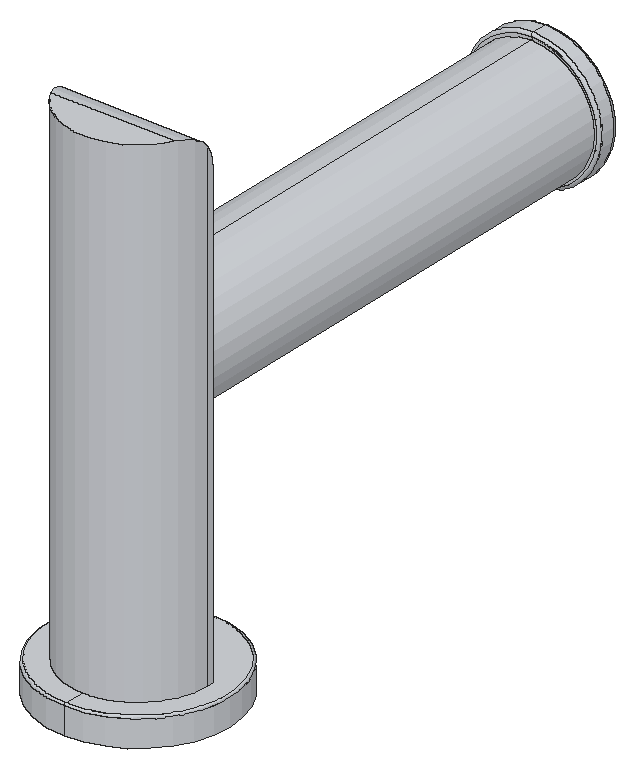
Revit family "Accessory-Tissue_Holder-KOHLER-Avid-K-97502BR_1", category Specialty Equipment, host Face, Revit 2017
Family settings
  Host = Face
  Round Connector Dimension = Use Diameter
  Part Type = Normal
  OmniClass Number = 23.31.25.21
  OmniClass Title = Toilet Paper Dispensers
  Cut with Voids When Loaded = No
  Shared = No
  Room Calculation Point = No
Parameters (values of type "CP-Polished Chrome")
  Width = 1 99/128"  # constant formula
  WaterSense Certified = 1 = 0  # no
  URL = "https://br.kohler.com/"
  Type = 1
  Product Page URL = "https://www.br.kohler.com/product-detail/97502br?skuid=K-97502BR-CP"
  Product Name = "AVID"  # constant formula
  Product Documentation Link = "http://resources.kohler.com/plumbing/kohlerbrazil/pdf/K-97502BR_spec_br.pdf"
  Model = if(Type = 1, "K-97502BR-CP", if(Type = 2, "K-97502BR-TT", if(Type = 3, "K-97502BR-BN", if(Type = 4, "K-97502BR-RGD", "NA"))))  # "K-97502BR-CP"
  Material = "Premium metal construction"  # constant formula
  Master Format 2014 Name = "Toilet, Bath, and Laundry Accessories"  # constant formula
  Master Format 2014 = "10 28 00"  # constant formula
  Manufacturer Address = "Rio de Janeiro MULTIREPAROS RUA BATISTA DA COSTA, Nº 352 | STORE B Rio de Janeiro SÃO GONÇALO 24450-470"  # constant formula
  Manufacturer = "KOHLER Co."  # constant formula
  Length = 5 5/64"  # constant formula
  Height = 5 53/64"  # constant formula
  Finish = Kohler-Metal-CP-Polished_Chrome
  Environmental Product Declaration = ""
  Description = "Vertical paper bin"  # constant formula
  Default Elevation = 42"
  Declare Label = ""
  Date Modified = "05/24/2021"  # constant formula
  Date Created = "05/24/2021"  # constant formula
  Copyright = "Copyright KOHLER Co."  # constant formula
  Contact Us = "https://br.kohler.com/asr-listing"
  Assembly Code = "C1030200"
  ADA Compliant = 1 = 0  # no
Types (5): name | Type | Model | Finish
  (no name) | 1 | "K-97502BR-CP" | Kohler-Metal-CP-Polished_Chrome
  CP-Polished Chrome | 1 | "K-97502BR-CP" | Kohler-Metal-CP-Polished_Chrome
  TT-Titanium Silver | 2 | "K-97502BR-TT" | Kohler-Metal-TT-Titanium_Silver
  BN-Vibrant Brushed Nickel | 3 | "K-97502BR-BN" | Kohler-Metal-BN-Vibrant_Brushed_Nickel
  RGD-Polished Rose Gold | 4 | "K-97502BR-RGD" | Kohler-Metal-RGD-Polished_Rose_Gold
Reference planes (in)
  plane 1 "Center (Front/Back)": y = 0
  plane 2: z = 0
  plane 3 "Center (Left/Right)": x = 0
  plane 4: x = -0.88583
  plane 5: x = 0.88761
  plane 6: y = 4.94094
  plane 7: y = 0.88447
  plane 8: y = -0.88718
  plane 9: x = -0.60246
  plane 10: x = 0.60246
  plane 11: x = -0.66093
  plane 12: x = 0.66093
  plane 13: z = 5.07812
  plane 14: z = 2.95276
  plane 15: z = 0.27559
  plane 16: z = 3.59843
  plane 17: z = 2.27657
  plane 18: z = 3.53996
  plane 19: z = 2.33504
  plane 20: y = 0.0625
  plane 21: y = -0.67021
Dimensions and locks (in)
  "Width": plane 4 to plane 5
  locked: plane 8 to plane 7 at 1.77165
  "Height": plane 8 to plane 6
  "Length": plane 13 to plane 2
  locked: plane 14 to plane 2 at 2.95276
  locked: plane 15 to plane 2 at 0.27559
  aligned and locked: plane 2 to host face
  aligned and locked: level to host face
Automatic sketch dimensions
  host sketch curve to host sketch curve = 96"  (x2)
Nested families (in)
  nested 1: "K-97502BR" at (0, 0, 0), type "K-97502BR"
Definition of nested family "K-97502BR"
  Parameters (values of type "K-97502T")
    Material = none
  Reference planes (in)
    plane 1 "Center (Front/Back)": y = 0
    plane 2: z = 0
    plane 3 "Center (Left/Right)": x = 0
    plane 4: x = -0.88583
    plane 5: x = 0.88583
    plane 6: y = 0.88583
    plane 7: y = -0.88583
    plane 8: y = 4.94094
    plane 9: z = 2.95276
    plane 10: z = 5.07874
    plane 11: z = 0.27559
    plane 12: x = -0.60246
    plane 13: x = 0.60246
    plane 14: x = -0.66093
    plane 15: x = 0.66093
    plane 16: y = 0.0625
    plane 17: z = 3.53996
    plane 18: z = 2.33504
    plane 19: z = 3.59843
    plane 20: z = 2.27657
  Forms (in)
    Revolve 1, solid, material <- "Material", detail levels medium+fine
      sketch origin (0, 0, 0) x (0, 1, 0) y (0, 0, 1)
        loop
          line (0, 2.9375) -> (4.94094, 2.9375) -> (4.94094, 3.57077)
          arc (4.94094, 3.57077) -> (4.93284, 3.59033) -> (4.91329, 3.59843) r 0.02766
          line (4.91329, 3.59843) -> (4.7717, 3.59843)
          arc (4.7717, 3.59843) -> (4.75218, 3.59034) -> (4.74409, 3.57081) r 0.02762
          line (4.74409, 3.57081) -> (4.74409, 3.53996) -> (0, 3.53996) -> (0, 2.9375)
        axis (0, 2.9375) -> (4.94094, 2.9375)
      angle from 0 to 360
    Revolve 2, solid, material <- "Material", detail levels medium+fine
      sketch origin (0, 0, 0) x (0, 1, 0) y (0, 0, 1)
        loop
          line (-0.89063, 0) -> (0, 0) -> (0, 0.27559) -> (-0.87054, 0.27559)
          arc (-0.87054, 0.27559) -> (-0.88474, 0.26971) -> (-0.89063, 0.2555) r 0.02009
          line (-0.89063, 0.2555) -> (-0.89063, 0)
        axis (0, 0.27559) -> (0, 0)
      angle from 0 to 360
    Extrusion 3, void
      sketch origin (0, 0.0625, 0.00049) x (0, 1, 0) y (0, 0, 1)
        loop
          line (0, 0.27559) -> (2.62641, 0.27559) -> (2.62641, 6.67227) -> (-3.5, 6.67227) -> (-3.5, 5.09326) -> (-0.36538, 5.09326)
          arc (-0.36538, 5.09326) -> (-0.10702, 4.98624) -> (0, 4.72788) r 0.36538
          line (0, 4.72788) -> (0, 0.27559)
      from -2.06119 to 2.58594
    Extrusion 4, solid, material <- "Material", detail levels medium+fine
      sketch origin (0, 0, 0) x (1, 0, 0) y (0, 1, 0)
        loop
          circle (0, 0) r 0.67021
      from 0.27559 to 6.33782
    Extrusion 5, solid, material <- "Material", detail levels coarse
      sketch origin (0, 0, 0) x (1, 0, 0) y (0, 0, 1)
        loop
          circle (0, 2.9375) r 0.65189
      from -4.92667 to 0
    Extrusion 6, solid, material <- "Material", detail levels coarse
      sketch origin (0, 0, 0) x (1, 0, 0) y (0, 1, 0)
        loop
          circle (0, 0) r 0.88583
      from 0 to 0.27559
    Extrusion 7, solid, material <- "Material", detail levels coarse
      sketch origin (0, 0, 0) x (1, 0, 0) y (0, 1, 0)
        loop
          circle (0, 0) r 0.66474
      from 0 to 5.09375
  Cuts and joins
    Extrusion 3 cuts Extrusion 4
    joined: Revolve 1, Revolve 2, Extrusion 4
    Extrusion 3 cuts Extrusion 7
    joined: Extrusion 5, Extrusion 6, Extrusion 7
  Lines and regions (in)
    Masking region 1
      outline origin (0, 0, 0) x (1, 0, 0) y (0, 1, 0)
        loop
          arc (-0.60246, 0.64941) -> (-0.8119, 0.35427) -> (-0.88583, 0) r 0.88583
          arc (-0.88583, 0) -> (-0.62637, -0.62637) -> (0, -0.88583) r 0.88583
          arc (0, -0.88583) -> (0.62637, -0.62637) -> (0.88583, 0) r 0.88583
          arc (0.88583, 0) -> (0.8119, 0.35427) -> (0.60246, 0.64941) r 0.88583
          line (0.60246, 0.64941) -> (0.60246, 4.74409) -> (0.63444, 4.74409)
          arc (0.63444, 4.74409) -> (0.65317, 4.75185) -> (0.66093, 4.77058) r 0.02649
          line (0.66093, 4.77058) -> (0.66093, 4.9136)
          arc (0.66093, 4.9136) -> (0.65292, 4.93294) -> (0.63358, 4.94094) r 0.02734
          line (0.63358, 4.94094) -> (-0.63358, 4.94094)
          arc (-0.63358, 4.94094) -> (-0.65292, 4.93294) -> (-0.66093, 4.9136) r 0.02734
          line (-0.66093, 4.9136) -> (-0.66093, 4.77058)
          arc (-0.66093, 4.77058) -> (-0.65317, 4.75185) -> (-0.63444, 4.74409) r 0.02649
          line (-0.63444, 4.74409) -> (-0.60246, 4.74409) -> (-0.60246, 0.64941)
    Masking region 2
      outline origin (0, 0, 0) x (0, 1, 0) y (0, 0, 1)
        loop
          line (-0.88583, 0) -> (0.88583, 0) -> (0.88583, 0.25491)
          arc (0.88583, 0.25491) -> (0.87977, 0.26953) -> (0.86515, 0.27559) r 0.02068
          line (0.86515, 0.27559) -> (0.0625, 0.27559) -> (0.0625, 2.33504) -> (4.74409, 2.33504) -> (4.74409, 2.30392)
          arc (4.74409, 2.30392) -> (4.7521, 2.28458) -> (4.77143, 2.27657) r 0.02734
          line (4.77143, 2.27657) -> (4.9125, 2.27657)
          arc (4.9125, 2.27657) -> (4.93261, 2.2849) -> (4.94094, 2.30502) r 0.02844
          line (4.94094, 2.30502) -> (4.94094, 3.57108)
          arc (4.94094, 3.57108) -> (4.93294, 3.59042) -> (4.9136, 3.59843) r 0.02734
          line (4.9136, 3.59843) -> (4.77143, 3.59843)
          arc (4.77143, 3.59843) -> (4.7521, 3.59042) -> (4.74409, 3.57108) r 0.02734
          line (4.74409, 3.57108) -> (4.74409, 3.53996) -> (0.0625, 3.53996) -> (0.0625, 4.71852)
          arc (0.0625, 4.71852) -> (-0.04301, 4.97323) -> (-0.29772, 5.07874) r 0.36022
          line (-0.29772, 5.07874) -> (-0.67021, 5.07874) -> (-0.67021, 0.98991) -> (-0.67021, 0.27559) -> (-0.86582, 0.27559)
          arc (-0.86582, 0.27559) -> (-0.87997, 0.26973) -> (-0.88583, 0.25559) r 0.02
          line (-0.88583, 0.25559) -> (-0.88583, 0)
    Masking region 3
      outline origin (0, 0, 0) x (1, 0, 0) y (0, 0, 1)
        loop
          line (-0.88583, 0) -> (0.88583, 0) -> (0.88583, 0.25578)
          arc (0.88583, 0.25578) -> (0.88002, 0.26979) -> (0.86602, 0.27559) r 0.01981
          line (0.86602, 0.27559) -> (0.66729, 0.27559) -> (0.66729, 5.00566)
          arc (0.66729, 5.00566) -> (0.64588, 5.05734) -> (0.5942, 5.07874) r 0.07308
          line (0.5942, 5.07874) -> (-0.59307, 5.07874)
          arc (-0.59307, 5.07874) -> (-0.64555, 5.057) -> (-0.66729, 5.00452) r 0.07422
          line (-0.66729, 5.00452) -> (-0.66729, 0.27559) -> (-0.86455, 0.27559)
          arc (-0.86455, 0.27559) -> (-0.8796, 0.26936) -> (-0.88583, 0.25431) r 0.02128
          line (-0.88583, 0.25431) -> (-0.88583, 0)
    symbolic lines, detail levels medium+fine
      curve 1: line (-0.60246, 4.74409, 0) -> (0.60246, 4.74409, 0)
      curve 2: line (-0.6417, 0.0625, 0) -> (0.6417, 0.0625, 0)
      curve 3: arc (-0.66922, 0.03644, 0) -> (0, -0.67021, 0) -> (0.66922, 0.03644, 0) r 0.67021
      curve 4: line (-0.60246, 0.65594, 0) -> (-0.60246, 0.0625, 0)
      curve 5: line (0.60246, 0.65594, 0) -> (0.60246, 0.0625, 0)
      curve 6: arc (-0.6417, 0.0625, 0) -> (-0.66065, 0.05495, 0) -> (-0.66922, 0.03644, 0) r 0.02756
      curve 7: arc (0.6417, 0.0625, 0) -> (0.66065, 0.05495, 0) -> (0.66922, 0.03644, 0) r 0.02756
      curve 8: line (-0.62804, -0.23396, 0) -> (0.62804, -0.23396, 0)
      curve 9: line (-0.66093, 4.9136, 0) -> (0.66093, 4.9136, 0)
      curve 10: line (-0.66093, 4.77058, 0) -> (0.66093, 4.77058, 0)
      curve 11: line (0, 4.74409, 2.33504) -> (0, 4.74409, 3.53996)
      curve 12: line (0, 4.77143, 2.27657) -> (0, 4.77143, 3.59843)
      curve 13: line (0, 4.9125, 2.27657) -> (0, 4.9136, 3.59843)
      curve 14: line (0, 0.0625, 2.33504) -> (0, 0.0625, 3.53996)
      curve 15: line (0, 0.0625, 0.27559) -> (0, -0.67021, 0.27559)
      curve 16: line (0, 0.88583, 0.25491) -> (0, -0.88583, 0.25559)
      curve 17: line (0.66729, 0, 0.27559) -> (-0.67021, 0, 0.27559)
      curve 18: line (0.88583, 0, 0.25578) -> (-0.88583, 0, 0.25431)
      curve 19: line (0.66729, 0, 4.71336) -> (-0.66729, 0, 4.71336)
      curve 20: arc (-0.60246, 0.63112, 0) -> (0, -0.87251, 0) -> (0.60246, 0.63112, 0) r 0.87251
      curve 21: arc (0.66093, 0, 2.95276) -> (0.46198, 0, 3.41022) -> (0, 0, 3.59843) r 0.66111
      curve 22: arc (0, 0, 2.27657) -> (0.47288, 0, 2.47547) -> (0.66093, 0, 2.95276) r 0.66075
      curve 23: arc (-0.66093, 0, 2.95276) -> (-0.46198, 0, 3.41022) -> (0, 0, 3.59843) r 0.66111
      curve 24: arc (0, 0, 2.27657) -> (-0.47288, 0, 2.47547) -> (-0.66093, 0, 2.95276) r 0.66075
  Dimensions and locks (in)
    locked: plane 4 to plane 5 at 1.77165
    locked: plane 6 to plane 7 at 1.77165
    locked: plane 7 to plane 8 at 5.82677
    locked: plane 9 to plane 2 at 2.95276
    locked: plane 10 to plane 2 at 5.07874
    locked: plane 11 to plane 2 at 0.27559
    aligned and locked: plane 2 to level
